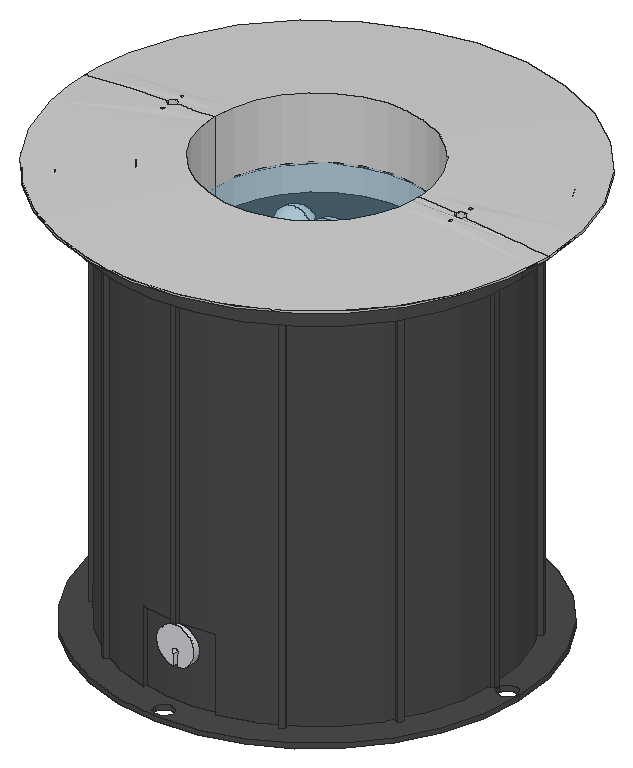
Revit family "DIRIGIBLE 18W_LKBD1259WW.25", category Luminarias, Revit 2019
Family settings
  Cota de conector redondo = Diámetro de uso
  Tipo de pieza = Normal
  Se basa en plano de trabajo = Sí
  Siempre vertical = No
  Corte con vacíos al cargar = No
  Origen de luz = Sí
  Compartido = No
  Punto de cálculo de habitación = No
Parameters (values of type "EMP_LKBD1259WW.25")
  Ángulo de inclinación = 100.00°
  Zone [instance] = ""
  Watt per fixture = 18.2
  Wattage = 18.2 W
  built-in parameter 1150107 = 3000 (stored number, unit not read)
  built-in parameter 1150110 = 1 (stored number, unit not read)
  built-in parameter 1150109 = 1 (stored number, unit not read)
  built-in parameter 1150112 = 1 (stored number, unit not read)
  built-in parameter 1150113 = 1 (stored number, unit not read)
  built-in parameter 1114218 = 1 (stored number, unit not read)
  Keynote = ""
  built-in parameter 1150142 = "IESNA:LM-63-1995\r\n[TEST] \r\n[DATE] 2016-3-4\r\n[MANUFAC] BRILLIANT\r\n[LUMCAT] LKBD1259WW 25º\r\n[LUMINAIRE] \r\n[LAMPCAT] DIRIGIBLE 14W\r\n[LAMP] \r\nTILT=NONE\r\n0 -1 1.0 19 9 1 2 0.000 0.000 0.000\r\n1 1 17.5\r\n0.0 5.0 10.0 15.0 20.0 25.0 30.0 35.0 40.0 45.0 50.0 55.0 60.0 65.0 70.0 75.0 80.0 85.0 90.0\r\n0.0 45.0 90.0 135.0 180.0 225.0 270.0 315.0 360.0 \r\n5216.905 4774.327 3638.750 2001.926 936.876 423.669 202.482 111.411 63.474 39.352 24.224 14.003 7.564 3.066 0.511 0.409 0.307 0.204 0.102\r\n5119.804 4766.150 3628.529 2119.879 961.816 535.591 211.886 110.082 61.429 39.761 25.349 15.230 7.870 3.373 1.022 0.511 0.307 0.204 0.102\r\n5226.104 4549.460 3246.256 1662.071 741.447 325.852 163.233 86.471 51.924 30.868 20.340 12.265 7.359 2.964 0.715 0.409 0.307 0.204 0.102\r\n5198.507 4400.230 3068.407 1639.380 706.081 312.871 154.034 82.690 49.675 32.810 20.545 11.959 5.928 2.249 0.613 0.409 0.307 0.204 0.102\r\n5216.905 4626.119 3371.977 1885.813 827.918 366.430 173.147 93.626 54.581 34.752 20.647 12.777 6.542 2.555 0.511 0.409 0.307 0.204 0.102\r\n5119.804 4549.460 3316.782 1846.666 800.934 358.253 173.863 90.867 53.253 34.343 21.669 12.163 6.031 2.453 0.613 0.409 0.307 0.204 0.102\r\n5226.104 4933.778 3797.179 2308.971 1025.187 540.702 208.002 104.154 57.648 35.570 22.793 14.923 8.484 4.088 0.920 0.511 0.307 0.204 0.102\r\n5198.507 4976.707 3930.055 2421.405 1140.687 529.459 236.212 116.522 66.438 42.622 26.780 15.741 8.586 3.475 1.124 0.511 0.307 0.204 0.102\r\n5216.905 4774.327 3638.750 2001.926 936.876 423.669 202.482 111.411 63.474 39.352 24.224 14.003 7.564 3.066 0.511 0.409 0.307 0.204 0.102\r\n"
  built-in parameter 1150137 = (empty or 0)
  built-in parameter 1150132 = (empty or 0)
  Modelo = "LKBD1259WW.25"
  Lámpara = "OSRAM"
  built-in parameter 1150105 = 110.52 (stored number, unit not read)
  built-in parameter 1150102 = (empty or 0)
  built-in parameter 1150106 = 1.1052 (stored number, unit not read)
  Lumens = 1388.84 lm
  Color Filter = 16777215
  built-in parameter 1114217 = 1 (stored number, unit not read)
  built-in parameter 1150139 = (empty or 0)
  Fabricante = "BRILLANT"
  Default Elevation = 0 mm
  built-in parameter 1150104 = 7.0894 (stored number, unit not read)
  Descripción = "LUMINARIA TIPO CIRCULAR PARA EMPOTRAR EN PISO CON CUERPO DE ALUMINIO FUNDIDO A PRESION CUBIERTO CON POLVO GRIS OSCURO, CON CUBIERTA DE ACERO INOXIDABLE Y VIDRIO TEMPLADO DE 10MM, HOUSING TIPO ABS DE 222MM DE DIAMETRO Y 220MM DE PROFUNDO. CUENTA CON 12 LED OSRAM CON UNA POTENCIA TOTAL DE 18.2W, A UNA TEMPERATURA EN BLANCO CALIDO CON 1389 LUMENES, 151mA EN CORRIENTE DE OPERACIÓN, IP67, IK10, IRC 80, DISPONIBLE PARA ATENUAR EN TRIAC (OPCIONAL), APERTURA EN 25 GRADOS POR PROYECTO, ALIMENTADA A 100-277V"
  built-in parameter 1150115 = 1 (stored number, unit not read)
  built-in parameter 1150114 = 1 (stored number, unit not read)
  Comentarios de vataje = "100-277V"
  built-in parameter 1150138 = (empty or 0)
  built-in parameter 1150134 = (empty or 0)
  Circuit [instance] = ""
  Dimming Lamp Color Temperature Shift = (empty or 0)
  Archivo de red fotométrica = "LKBD1259WW_25º.IES"
  built-in parameter 1150133 = 10 (stored number, unit not read)
Reference planes
  plane 1 "Centro (Frontal/Posterior)": y = 0
  plane 2: z = 0
  plane 3 "Centro (Izquierda/Derecha)": x = 0
  plane 4: z = -220
  plane 5: z = -128
  plane 6 "PEND": y = 20
  plane 7 "Centro I/E": y = -15
  plane 8: x = -77.5
  plane 9: x = 77.5
  plane 10: x = -105
  plane 11: x = 105
Forms (mm)
  Revolve 1, solid, material "Acero Inoxidable"
    sketch origin (0, 0, 0) x (1, 0, 0) y (0, 0, 1)
      loop
        arc (-55, 4.239) -> (-90.032, 2.649) -> (-125, 0) r 1158.001
        line (-125, 0) -> (-125, -0.88) -> (-76.5, -0.88) -> (-76.5, -172.34) -> (0, -172.34) -> (0, -45.88) -> (-55, -45.88) -> (-55, 4.239)
      axis (0, 4.239) -> (0, -172.34)
    angle from 0 to 360
  Extrusion 2, solid, material "Cristal"
    sketch origin (0, 0, 0) x (1, 0, 0) y (0, 1, 0)
      loop
        circle (0, 0) r 55
    from -29.749 to -28.966
  Extrusion 3, solid, material "Plastico"
    sketch origin (0, 0, 0) x (1, 0, 0) y (0, 1, 0)
      loop
        circle (0, 0) r 10
    from -178.507 to -176.391
  Extrusion 4, solid, material "Cobre"
    sketch origin (0, 0, 0) x (1, 0, 0) y (0, 1, 0)
      loop
        line (12.101, 0) -> (6.051, 10.48) -> (-6.051, 10.48) -> (-12.101, 0) -> (-6.051, -10.48) -> (6.051, -10.48) -> (12.101, 0)
    from -176.391 to -172.578
  Revolve 5, solid, material "Plastico"
    sketch origin (0, 0, 0) x (1, 0, 0) y (0, 0, 1)
      loop
        line (-111, -0.88) -> (-111, -15.267) -> (-94.359, -15.267) -> (-94.359, -217.5) -> (-109, -217.5) -> (-109, -220) -> (-59.637, -220) -> (0, -220) -> (0, -217.5) -> (-91.816, -217.5) -> (-91.816, -12.767) -> (-107.819, -12.767) -> (-107.819, -0.88) -> (-111, -0.88)
      axis (0, -0.88) -> (0, -220)
    angle from 0 to 360
  Extrusion 6, solid, material "Plastico"
    sketch origin (0, 0, 0) x (1, 0, 0) y (0, 1, 0)
      loop
        arc (-98.548, 9) -> (-99.073, 0) -> (-98.548, -9) r 77.503
        line (-98.548, -9) -> (-93.801, -9)
        arc (-93.801, -9) -> (-94.359, 0) -> (-93.801, 9) r 72.79
        line (-93.801, 9) -> (-98.548, 9)
      loop
        line (-9, 99.048) -> (-9, 93.801)
        arc (-9, 93.801) -> (0, 94.359) -> (9, 93.801) r 72.79
        line (9, 93.801) -> (9, 99.048)
        arc (9, 99.048) -> (0, 99.569) -> (-9, 99.048) r 78
      loop
        arc (98.548, -9) -> (99.073, 0) -> (98.548, 9) r 77.503
        line (98.548, 9) -> (93.801, 9)
        arc (93.801, 9) -> (94.359, 0) -> (93.801, -9) r 72.79
        line (93.801, -9) -> (98.548, -9)
      loop
        arc (-9, -101.185) -> (-0.01, -101.878) -> (9, -101.528) r 78
        line (9, -101.528) -> (9, -93.969)
        arc (9, -93.969) -> (-0.01, -94.359) -> (-9, -93.632) r 72.79
        line (-9, -93.632) -> (-9, -101.185)
    from -21.197 to -15.267
  Extrusion 7, void
    sketch origin (0, 0, 0) x (1, 0, 0) y (0, 0, 1)
      loop
        circle (0, -189.936) r 10
    from 91.333 to 95.074
  Extrusion 8, solid, material "Plastico"
    sketch origin (0, 0, 0) x (1, 0, 0) y (0, 0, 1)
      loop
        circle (0, -189.936) r 10
    from 56.286 to 60.059
  Extrusion 9, void
    sketch origin (0, 0, 0) x (1, 0, 0) y (0, 1, 0)
      loop
        circle (-77.5, 6.504) r 0.895
      loop
        circle (-77.5, 0) r 2.557
      loop
        circle (-77.5, -6.504) r 0.895
      loop
        circle (77.5, 6.504) r 0.895
      loop
        circle (77.5, 0) r 2.557
      loop
        circle (77.5, -6.504) r 0.895
    from -3.838 to 7.824
  Extrusion 10, solid, material "Plastico"
    sketch origin (0, 0, 0) x (1, 0, 0) y (0, 1, 0)
      loop
        circle (0, 0) r 55
    from -45.88 to -43.335
  Revolve 11, solid
    sketch origin (21.563, 20, -43.335) x (1, 0, 0) y (0, 0, 1)
      loop
        line (-31.083, 0) -> (-31.083, 5)
        arc (-31.083, 5) -> (-36.083, 3.66) -> (-39.744, 0) r 10
        line (-39.744, 0) -> (-31.083, 0)
      axis (-31.083, 5) -> (-31.083, 0)
    angle from 0 to 360
  Extrusion 12, solid, material "Plastico"
    sketch origin (0, 0, 0) x (1, 0, 0) y (0, 1, 0)
      loop
        line (-94.344, 1.342) -> (-96.717, 1.342) -> (-96.717, -1.342) -> (-94.344, -1.342)
        arc (-94.344, -1.342) -> (-94.359, 0) -> (-94.344, 1.342) r 59.642
      loop
        line (-80.984, 48.42) -> (-83.2, 49.699) -> (-84.543, 47.374) -> (-82.327, 46.094)
        arc (-82.327, 46.094) -> (-81.669, 47.265) -> (-80.984, 48.42) r 59.642
      loop
        line (-46.009, 82.376) -> (-47.181, 84.406) -> (-49.507, 83.063) -> (-48.335, 81.033)
        arc (-48.335, 81.033) -> (-47.18, 81.718) -> (-46.009, 82.376) r 59.642
      loop
        line (1.342, 94.344) -> (1.342, 96.688) -> (-1.342, 96.688) -> (-1.342, 94.344)
        arc (-1.342, 94.344) -> (0, 94.359) -> (1.342, 94.344) r 59.642
      loop
        arc (94.344, 1.342) -> (94.359, 0) -> (94.344, -1.342) r 59.642
        line (94.344, -1.342) -> (96.717, -1.342) -> (96.717, 1.342) -> (94.344, 1.342)
      loop
        arc (80.984, 48.42) -> (81.669, 47.265) -> (82.327, 46.094) r 59.642
        line (82.327, 46.094) -> (84.543, 47.374) -> (83.2, 49.699) -> (80.984, 48.42)
      loop
        arc (46.009, 82.376) -> (47.18, 81.718) -> (48.335, 81.033) r 59.642
        line (48.335, 81.033) -> (49.507, 83.063) -> (47.181, 84.406) -> (46.009, 82.376)
      loop
        arc (-80.984, -48.42) -> (-81.669, -47.265) -> (-82.327, -46.094) r 59.642
        line (-82.327, -46.094) -> (-84.543, -47.374) -> (-83.2, -49.699) -> (-80.984, -48.42)
      loop
        arc (-46.009, -82.376) -> (-47.18, -81.718) -> (-48.335, -81.033) r 59.642
        line (-48.335, -81.033) -> (-49.507, -83.063) -> (-47.181, -84.406) -> (-46.009, -82.376)
      loop
        arc (1.342, -94.344) -> (0, -94.359) -> (-1.342, -94.344) r 59.642
        line (-1.342, -94.344) -> (-1.342, -96.688) -> (1.342, -96.688) -> (1.342, -94.344)
      loop
        line (80.984, -48.42) -> (83.2, -49.699) -> (84.543, -47.374) -> (82.327, -46.094)
        arc (82.327, -46.094) -> (81.669, -47.265) -> (80.984, -48.42) r 59.642
      loop
        line (46.009, -82.376) -> (47.181, -84.406) -> (49.507, -83.063) -> (48.335, -81.033)
        arc (48.335, -81.033) -> (47.18, -81.718) -> (46.009, -82.376) r 59.642
    from -217.5 to -15.267
  Extrusion 13, void
    sketch origin (3.125, 0, 0) x (1, 0, 0) y (0, 1, 0)
      loop
        circle (99.693, 0) r 5
      loop
        circle (-105.943, 0) r 5
      loop
        circle (-3.125, 102.818) r 5
      loop
        circle (-3.125, -102.818) r 5
    from -220 to -217.5
  Extrusion 14, void
    sketch origin (0, -21.569, 0) x (1, 0, 0) y (0, 1, 0)
      loop
        line (-1.342, -72.775) -> (-1.342, -75.119) -> (1.342, -75.119) -> (1.342, -72.775) -> (-1.342, -72.775)
    from -217.5 to -178.507
  Extrusion 15, void
    sketch origin (0, 0, 0) x (1, 0, 0) y (0, 1, 0)
      loop
        arc (-19.48, -92.684) -> (-0.021, -95.491) -> (19.48, -92.988) r 72.79
        line (19.48, -92.988) -> (19.48, -90.158)
        arc (19.48, -90.158) -> (0, -92.813) -> (-19.48, -90.158) r 72.79
        line (-19.48, -90.158) -> (-19.48, -92.684)
    from -217.5 to -178.507
  Extrusion 16, solid
    sketch origin (0, 0, 0) x (1, 0, 0) y (0, 0, 1)
      loop
        arc (1, -199.886) -> (0, -179.936) -> (-1, -199.886) r 10
        line (-1, -199.886) -> (-1, -194.158)
        arc (-1, -194.158) -> (0, -190.986) -> (1, -194.158) r 1.743
        line (1, -194.158) -> (1, -199.886)
    from 90.014 to 95.074
  Revolve 17, solid
    sketch origin (-59.188, 20, -43.335) x (-1, 0, 0) y (0, 0, 1)
      loop
        line (-31.083, 0) -> (-31.083, 5)
        arc (-31.083, 5) -> (-36.083, 3.66) -> (-39.744, 0) r 10
        line (-39.744, 0) -> (-31.083, 0)
      axis (-31.083, 5) -> (-31.083, 0)
    angle from 0 to 360
  Revolve 18, solid
    sketch origin (-21.563, 20, -43.335) x (-1, 0, 0) y (0, 0, 1)
      loop
        line (-31.083, 0) -> (-31.083, 5)
        arc (-31.083, 5) -> (-36.083, 3.66) -> (-39.744, 0) r 10
        line (-39.744, 0) -> (-31.083, 0)
      axis (-31.083, 5) -> (-31.083, 0)
    angle from 0 to 360
  Revolve 19, solid
    sketch origin (59.188, 20, -43.335) x (1, 0, 0) y (0, 0, -1)
      loop
        line (-31.083, 0) -> (-39.744, 0)
        arc (-39.744, 0) -> (-36.083, -3.66) -> (-31.083, -5) r 10
        line (-31.083, -5) -> (-31.083, 0)
      axis (-31.083, -5) -> (-31.083, 0)
    angle from 0 to 360
  Revolve 20, solid
    sketch origin (21.563, 0, -43.335) x (1, 0, 0) y (0, 0, 1)
      loop
        line (-31.083, 0) -> (-31.083, 5)
        arc (-31.083, 5) -> (-36.083, 3.66) -> (-39.744, 0) r 10
        line (-39.744, 0) -> (-31.083, 0)
      axis (-31.083, 5) -> (-31.083, 0)
    angle from 0 to 360
  Revolve 21, solid
    sketch origin (-59.188, 0, -43.335) x (-1, 0, 0) y (0, 0, 1)
      loop
        line (-31.083, 0) -> (-31.083, 5)
        arc (-31.083, 5) -> (-36.083, 3.66) -> (-39.744, 0) r 10
        line (-39.744, 0) -> (-31.083, 0)
      axis (-31.083, 5) -> (-31.083, 0)
    angle from 0 to 360
  Revolve 22, solid
    sketch origin (-21.563, 0, -43.335) x (-1, 0, 0) y (0, 0, 1)
      loop
        line (-31.083, 0) -> (-31.083, 5)
        arc (-31.083, 5) -> (-36.083, 3.66) -> (-39.744, 0) r 10
        line (-39.744, 0) -> (-31.083, 0)
      axis (-31.083, 5) -> (-31.083, 0)
    angle from 0 to 360
  Revolve 23, solid
    sketch origin (59.188, 0, -43.335) x (1, 0, 0) y (0, 0, -1)
      loop
        line (-31.083, 0) -> (-39.744, 0)
        arc (-39.744, 0) -> (-36.083, -3.66) -> (-31.083, -5) r 10
        line (-31.083, -5) -> (-31.083, 0)
      axis (-31.083, -5) -> (-31.083, 0)
    angle from 0 to 360
  Revolve 24, solid
    sketch origin (21.563, -20, -43.335) x (1, 0, 0) y (0, 0, 1)
      loop
        line (-31.083, 0) -> (-31.083, 5)
        arc (-31.083, 5) -> (-36.083, 3.66) -> (-39.744, 0) r 10
        line (-39.744, 0) -> (-31.083, 0)
      axis (-31.083, 5) -> (-31.083, 0)
    angle from 0 to 360
  Revolve 25, solid
    sketch origin (-59.188, -20, -43.335) x (-1, 0, 0) y (0, 0, -1)
      loop
        line (-31.083, 0) -> (-39.744, 0)
        arc (-39.744, 0) -> (-36.083, -3.66) -> (-31.083, -5) r 10
        line (-31.083, -5) -> (-31.083, 0)
      axis (-31.083, -5) -> (-31.083, 0)
    angle from 0 to 360
  Revolve 26, solid
    sketch origin (-21.563, -20, -43.335) x (-1, 0, 0) y (0, 0, -1)
      loop
        line (-31.083, 0) -> (-39.744, 0)
        arc (-39.744, 0) -> (-36.083, -3.66) -> (-31.083, -5) r 10
        line (-31.083, -5) -> (-31.083, 0)
      axis (-31.083, -5) -> (-31.083, 0)
    angle from 0 to 360
  Revolve 27, solid
    sketch origin (59.188, -20, -43.335) x (1, 0, 0) y (0, 0, 1)
      loop
        line (-31.083, 0) -> (-31.083, 5)
        arc (-31.083, 5) -> (-36.083, 3.66) -> (-39.744, 0) r 10
        line (-39.744, 0) -> (-31.083, 0)
      axis (-31.083, 5) -> (-31.083, 0)
    angle from 0 to 360
Cuts and joins
  Extrusion 13, Extrusion 15 cuts Revolve 5
  Extrusion 9, Extrusion 13, Extrusion 14, Extrusion 15 cuts Revolve 1
  Extrusion 14 cuts Extrusion 12
Dimensions and locks
  plane 2 to plane 4 = 220 mm
  level to plane 4 = 220 mm
  level to Extrusion 3 = 178.507 mm
  plane 3 "Centro (Izquierda/Derecha)" to Revolve 5 sketch curve = 111 mm
  plane 3 "Centro (Izquierda/Derecha)" to Revolve 5 sketch curve = 109 mm
  Revolve 1 sketch curve to Revolve 1 sketch curve = 76.5 mm
  plane 11 to plane 10 = 210 mm
  plane 3 "Centro (Izquierda/Derecha)" to Revolve 1 sketch curve = 125 mm
  aligned and locked: level to plane 2
Connectors
  electrical at (0, -60.059, -189.936)
    settings: on Extrusion 8, index 1, voltage 277 V, apparent load 0 VA, apparent load phase1 0 VA, apparent load phase2 0 VA, apparent load phase3 0 VA, power factor 1, load classification "Otro", number of poles 1, system type 31, power factor state 1, is connector primary yes, connector utility no, sub classification motor no, connector description ""
